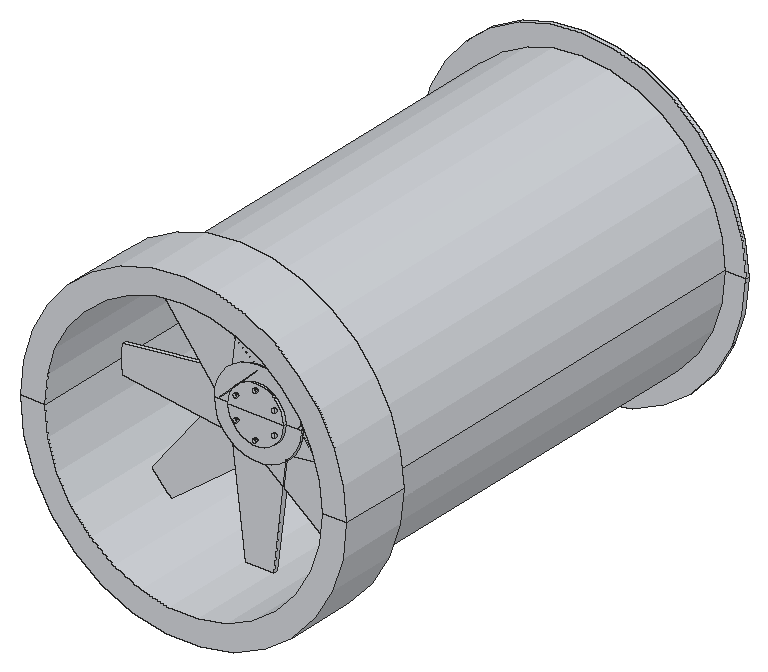
Revit family "CADS_Vent-Axia_MechEquip_Fan_BIFA_400_3Ph4P - SUPPLY", category Mechanical Equipment, Revit 2020
Family settings
  Round Connector Dimension = Use Diameter
  Part Type = Normal
  OmniClass Number = 23.75.00.00
  OmniClass Title = Climate Control (HVAC)
  Work Plane-Based = No
  Always vertical = Yes
  Cut with Voids When Loaded = No
  Shared = No
  Room Calculation Point = No
Parameters (values of type "BIFA403440")
  WorkingPressure = 0.0 Pa
  WarrantyStartDate [instance] = "1900-12-31T23:59:59"
  WarrantyPeriod = ""
  WarrantyIdentifier = "N/A"
  WarrantyGuarantorParts = "tech@vent-axia.com"
  WarrantyGuarantorLabor = "tech@vent-axia.com"
  WarrantyGuarantor = "Vent-Axia Limited"
  WarrantyEndDate [instance] = "1900-12-31T23:59:59"
  WarrantyContent = ""
  TemperatureRange = ""
  TagNumber [instance] = "N/A"
  SustainabilityPerformance = ""
  Status = "New"
  Size = ""
  Shape = ""
  ServiceLifeType = ""
  ServiceLifeDuration = ""
  SerialNumber [instance] = "N/A"
  ReplacementCost = ""
  RatedVoltage = 0 V
  RatedCurrent = 0 A
  Quantity = 1
  ProductionYear = ""
  PressureCurve = ""
  PowerFactor = ""
  PointOfContact = ""
  NumberOfPoles = 0
  NominalWidth = 400 mm
  NominalLength = 625 mm
  NominalHeight = 400 mm
  NominalFrequencyRange = ""
  NominalDiameter = 400 mm
  ModelReference = "BIF 400MM 3PH 4P 40DEG"
  ModelNumber = "BIFA403440"
  Material = ""
  ManufacturerE-Mail = "tech@vent-axia.com"
  ManufacturerAddress = "Fleming Way\nCrawley \nRH10 9YX"
  IsExtendedWarranty = no
  InsulationStandardClass = ""
  InstallationDate [instance] = "1900-12-31T23:59:59"
  IfcExportType [instance] = ""
  IfcExportAs = "IfcFanType"
  IP_Code = ""
  HasProtectiveEarth = no
  GrossWeight = 0.00 kg
  Grade = ""
  GlobalTradeItemNumber [instance] = "N/A"
  Fitting Type = "Ignore"
  Finish = ""
  Features = ""
  ExteriorInsulation = no
  ExpectedServiceLife = 0
  Exclusions = ""
  DurationUnit = "Year"
  Default Elevation = 0 mm
  Constituents = ""
  ConductorFunction = ""
  Color = ""
  CodePerformance = ""
  Category = ""
  CADS_Usage = 0
  CADS_Index = 0
  AssetType = "FIXED"
  AssetIdentifier [instance] = "N/A"
  AssemblyPlace = "UNKNOWN"
  ArticleNumber [instance] = "N/A"
  AirflowRateRange = 0.0 L/s
  Air Flow [instance] = 0.0 L/s
  AccessibilityPerformance = ""
Types (16, lengths in mm): name | ModelReference | ModelNumber
  BIFA403410 | "BIF 400MM 3PH 4P 10DEG" | "BIFA403410"
  BIFA403412 | "BIF 400MM 3PH 4P 12DEG" | "BIFA403412"
  BIFA403414 | "BIF 400MM 3PH 4P 14DEG" | "BIFA403414"
  BIFA403416 | "BIF 400MM 3PH 4P 16DEG" | "BIFA403416"
  BIFA403418 | "BIF 400MM 3PH 4P 18DEG" | "BIFA403418"
  BIFA403420 | "BIF 400MM 3PH 4P 20DEG" | "BIFA403420"
  BIFA403422 | "BIF 400MM 3PH 4P 22DEG" | "BIFA403422"
  BIFA403424 | "BIF 400MM 3PH 4P 24DEG" | "BIFA403424"
  BIFA403426 | "BIF 400MM 3PH 4P 26DEG" | "BIFA403426"
  BIFA403428 | "BIF 400MM 3PH 4P 28DEG" | "BIFA403428"
  BIFA403430 | "BIF 400MM 3PH 4P 30DEG" | "BIFA403430"
  BIFA403432 | "BIF 400MM 3PH 4P 32DEG" | "BIFA403432"
  BIFA403434 | "BIF 400MM 3PH 4P 34DEG" | "BIFA403434"
  BIFA403436 | "BIF 400MM 3PH 4P 36DEG" | "BIFA403436"
  BIFA403438 | "BIF 400MM 3PH 4P 38DEG" | "BIFA403438"
  BIFA403440 | "BIF 400MM 3PH 4P 40DEG" | "BIFA403440"
Reference planes
  plane 1 "Center (Front/Back)": y = 0
  plane 2: z = 0
  plane 3 "Center (Left/Right)": x = 0
  plane 4: x = -200
  plane 5: x = 200
  plane 6 "F": y = -312.5
  plane 7 "B": y = 312.5
  plane 8: x = -235
  plane 9: y = 307.5
  plane 10: y = -307.5
  plane 11: x = -205
  plane 12: y = -272.5
Forms (mm)
  Revolve 1, solid
    sketch origin (0, 0, 0) x (1, 0, 0) y (0, 1, 0)
      loop
        line (-235, -408.492) -> (-200, -408.492) -> (-200, 312.5) -> (-235, 312.5) -> (-235, 307.5) -> (-205, 307.5) -> (-205, -307.5) -> (-235, -307.5) -> (-235, -408.492)
      axis (0, 312.5) -> (0, -408.492)
    angle from 0 to 360
Dimensions and locks
  equal spacing: plane 4, plane 3 "Center (Left/Right)", plane 5
  equal spacing: plane 7 "B", plane 1 "Center (Front/Back)", plane 6 "F"
  "NominalLength": plane 7 "B" to plane 6 "F"
  "NominalDiameter": plane 4 to plane 5
  locked: plane 11 to plane 4 at 5
  locked: plane 8 to plane 11 at 30
  locked: plane 6 "F" to plane 10 at 5
  locked: plane 7 "B" to plane 9 at 5
  locked: plane 6 "F" to plane 12 at 40
  aligned and locked: level to plane 2
  aligned and locked: nested 1 to plane 12
Automatic sketch dimensions
  plane 6 "F" to Revolve 1 sketch curve = 95.992 mm
  Revolve 1 sketch curve to plane 8 = 0 mm  (x2)
  plane 10 to Revolve 1 sketch curve = 0 mm
  Revolve 1 sketch curve to plane 11 = 0 mm
  Revolve 1 sketch curve to plane 4 = 0 mm
  Revolve 1 sketch curve to plane 3 "Center (Left/Right)" = 0 mm
  plane 1 "Center (Front/Back)" to Revolve 1 sketch curve = 0 mm
  Revolve 1 sketch curve to plane 9 = 0 mm
  Revolve 1 sketch curve to plane 7 "B" = 0 mm
  plane 6 "F" to Revolve 1 sketch curve = 115 mm
Nested families
  nested 1: "Fan for BIFA" at (0, -272.5, 0), ND <- "NominalDiameter", type "Fan for BIFA"
    with hub 40 mm, ND 400 mm, BoltPCD 32 mm, Bolt Count 6, B_Diam 5 mm
  nested 2: "Bolts" at (27.713, -281.672, -16) x (-0.5, 0, -0.866) z (0, 1, 0), type "Bolts"
    with bd 5 mm
  nested 3: "Bolts" at (0, -281.672, -32) x (-1, 0, 0) z (0, 1, 0), type "Bolts"
    with bd 5 mm
  nested 4: "Bolts" at (-27.713, -281.672, -16) x (-0.5, 0, 0.866) z (0, 1, 0), type "Bolts"
    with bd 5 mm
  nested 5: "Bolts" at (-27.713, -281.672, 16) x (0.5, 0, 0.866) z (0, 1, 0), type "Bolts"
    with bd 5 mm
  nested 6: "Bolts" at (27.713, -281.672, 16) x (0.5, 0, -0.866) z (0, 1, 0), type "Bolts"
    with bd 5 mm
  nested 7: "Bolts" at (0, -281.672, 32) x (1, 0, 0) z (0, 1, 0), type "Bolts"
    with bd 5 mm
  nested 8: "BIFA Blade" at (0, -272.5, 0), type "BIFA Blade"
    with a 20.00°, HR 40 mm, HD 80 mm, BT 40 mm, BR 160 mm, BH 40 mm, BD 400 mm, BB 80 mm
  nested 9: "BIFA Blade" at (0, -272.5, 0) x (0.7071, 0, -0.7071) z (0.7071, 0, 0.7071), type "BIFA Blade"
    with a 20.00°, HR 40 mm, HD 80 mm, BT 40 mm, BR 160 mm, BH 40 mm, BD 400 mm, BB 80 mm
  nested 10: "BIFA Blade" at (0, -272.5, 0) x (0, 0, -1) z (1, 0, 0), type "BIFA Blade"
    with a 20.00°, HR 40 mm, HD 80 mm, BT 40 mm, BR 160 mm, BH 40 mm, BD 400 mm, BB 80 mm
  nested 11: "BIFA Blade" at (0, -272.5, 0) x (-0.7071, 0, -0.7071) z (0.7071, 0, -0.7071), type "BIFA Blade"
    with a 20.00°, HR 40 mm, HD 80 mm, BT 40 mm, BR 160 mm, BH 40 mm, BD 400 mm, BB 80 mm
  nested 12: "BIFA Blade" at (0, -272.5, 0) x (-1, 0, 0) z (0, 0, -1), type "BIFA Blade"
    with a 20.00°, HR 40 mm, HD 80 mm, BT 40 mm, BR 160 mm, BH 40 mm, BD 400 mm, BB 80 mm
  nested 13: "BIFA Blade" at (0, -272.5, 0) x (-0.7071, 0, -0.7071) z (-0.7071, 0, 0.7071), type "BIFA Blade"
    with a 20.00°, HR 40 mm, HD 80 mm, BT 40 mm, BR 160 mm, BH 40 mm, BD 400 mm, BB 80 mm
  nested 14: "BIFA Blade" at (0, -272.5, 0) x (0, 0, -1) z (-1, 0, 0), type "BIFA Blade"
    with a 20.00°, HR 40 mm, HD 80 mm, BT 40 mm, BR 160 mm, BH 40 mm, BD 400 mm, BB 80 mm
  nested 15: "BIFA Blade" at (0, -272.5, 0) x (0.7071, 0, -0.7071) z (-0.7071, 0, -0.7071), type "BIFA Blade"
    with a 20.00°, HR 40 mm, HD 80 mm, BT 40 mm, BR 160 mm, BH 40 mm, BD 400 mm, BB 80 mm
Connectors
  hvac at (0, -408.492, 0), driven by "NominalDiameter", driven by "Air Flow"
    settings: on Revolve 1, index 1, duct flow 0.0 L/s, flow factor 0, pres drop 0.0 Pa, loss coef 0, conn angle 0.00°, conn width 304.8 mm, conn height 304.8 mm, conn diameter 400 mm, duct sys type 1, conn prof type 0, flow config 1, flow direction 1, loss method 0, conn ref index -1, conn util no, is conn primary yes, conn desc ""
  hvac at (0, 312.5, 0), driven by "NominalDiameter", driven by "Air Flow"
    settings: on Revolve 1, index 2, duct flow 0.0 L/s, flow factor 0, pres drop 0.0 Pa, loss coef 0, conn angle 0.00°, conn width 304.8 mm, conn height 304.8 mm, conn diameter 400 mm, duct sys type 1, conn prof type 0, flow config 0, flow direction 2, loss method 0, conn ref index -1, conn util no, is conn primary no, conn desc ""
Definition of nested family "Fan for BIFA"
  Parameters (values of type "Fan for BIFA")
    hub [instance] = ND / 10  # 50 mm
    ND [instance] = 500 mm
    Model = "."
    Default Elevation = 0 mm
    BoltPCD [instance] = hub - (hub * 0.2)  # 40 mm
    Bolt Count [instance] = if(hub < 50 mm, 6, 8)  # 8
    B_Diam [instance] = if(hub < 50 mm, 5 mm, 10 mm)  # 10 mm
  Reference planes
    plane 1 "Center (Front/Back)": y = 0
    plane 2: z = 0
    plane 3 "Center (Left/Right)": x = 0
    plane 4 "back": y = 20
    plane 5 "bolts": y = -9.172
    plane 6 "B": z = 50
    plane 7: x = -72.587
    plane 8: x = -50
    plane 9 "hubface": y = -6.172
  Forms (mm)
    Revolve 1, solid
      sketch origin (0, 0, 0) x (1, 0, 0) y (0, 1, 0)
        loop
          line (0, 20) -> (-50, 20) -> (-50, 10.504) -> (-72.587, 10.504) -> (-72.587, -2.597) -> (-50, -2.597) -> (-50, -6.172) -> (0, -6.172) -> (0, 20)
        axis (0, 20) -> (0, -6.172)
      angle from 0 to 360
    Extrusion 2, solid, not visible
      sketch origin (0, -6.347, -4) x (-1, 0, 0) y (0, 0, 1)
        loop
          circle (0, 84) r 5
      from 0 to 3
  Lines and regions (mm)
    symbolic lines
      curve 1: circle (0, -9.172, 0) r 40 normal (0, 1, 0)
    model lines, not visible
      curve 2: line (0, -6.347, 85) -> (0, -6.347, 75)
  Dimensions and locks
    "hub": plane 6 "B" to plane 2
    "hub": nested 3 to plane 3 "Center (Left/Right)"
    "hub": nested 4 to plane 3 "Center (Left/Right)"
    "hub": nested 5 to plane 3 "Center (Left/Right)"
    "hub": plane 3 "Center (Left/Right)" to nested 6
    "hub": Revolve 1 sketch curve to Revolve 1 sketch curve
    "hub": plane 3 "Center (Left/Right)" to nested 7
    "hub": plane 3 "Center (Left/Right)" to nested 8
    "hub": plane 3 "Center (Left/Right)" to nested 9
    "hub": plane 8 to plane 3 "Center (Left/Right)"
    plane 7 to plane 8 = 22.587 mm
    diameter of Extrusion 2 sketch curve = 10 mm
    "BoltPCD": radius of curve 1
    "BoltPCD": radius of radial array
    aligned and locked: level to plane 2
    aligned and locked: plane 6 "B" to nested 1
  Automatic sketch dimensions
    Revolve 1 sketch curve to plane 7 = 0 mm
    Revolve 1 sketch curve to plane 8 = 0 mm  (x2)
    Revolve 1 sketch curve to plane 3 "Center (Left/Right)" = 0 mm
    Revolve 1 sketch curve to plane 9 "hubface" = 0 mm
    plane 4 "back" to Revolve 1 sketch curve = 0 mm
    plane 1 "Center (Front/Back)" to Revolve 1 sketch curve = 2.597 mm
    plane 4 "back" to Revolve 1 sketch curve = 9.496 mm
    plane 4 "back" to Revolve 1 sketch curve = 5 mm
    Revolve 1 sketch curve to Revolve 1 sketch curve = 45 mm
    curve 1 to level = 0 mm
    curve 1 to plane 3 "Center (Left/Right)" = 0 mm
  Nested families
    nested 1: "BIFA Blade" at (0, 0, 25), BD <- "ND", HD <- "hub", type "BIFA Blade"
      with a 20.00°, HR 25 mm, HD 50 mm, BT 25 mm, BR 100 mm, BH 40 mm, BD 250 mm, BB 50 mm
    nested 2: "BIFA Blade" at (0, 0, 55), BD <- "ND", HD <- "hub", type "BIFA Blade", not visible
      with a 20.00°, HR 25 mm, HD 50 mm, BT 25 mm, BR 100 mm, BH 40 mm, BD 250 mm, BB 50 mm
    nested 3: "BIFA Blade" at (17.678, 0, 17.678) x (0.7071, 0, -0.7071) z (0.7071, 0, 0.7071), BD <- "ND", HD <- "hub", type "BIFA Blade"
      with a 20.00°, HR 25 mm, HD 50 mm, BT 25 mm, BR 100 mm, BH 40 mm, BD 250 mm, BB 50 mm
    nested 4: "BIFA Blade" at (25, 0, 0) x (0, 0, -1) z (1, 0, 0), BD <- "ND", HD <- "hub", type "BIFA Blade"
      with a 20.00°, HR 25 mm, HD 50 mm, BT 25 mm, BR 100 mm, BH 40 mm, BD 250 mm, BB 50 mm
    nested 5: "BIFA Blade" at (17.678, 0, -17.678) x (-0.7071, 0, -0.7071) z (0.7071, 0, -0.7071), BD <- "ND", HD <- "hub", type "BIFA Blade"
      with a 20.00°, HR 25 mm, HD 50 mm, BT 25 mm, BR 100 mm, BH 40 mm, BD 250 mm, BB 50 mm
    nested 6: "BIFA Blade" at (0, 0, -25) x (-1, 0, 0) z (0, 0, -1), BD <- "ND", HD <- "hub", type "BIFA Blade"
      with a 20.00°, HR 25 mm, HD 50 mm, BT 25 mm, BR 100 mm, BH 40 mm, BD 250 mm, BB 50 mm
    nested 7: "BIFA Blade" at (-17.678, 0, 17.678) x (-0.7071, 0, -0.7071) z (-0.7071, 0, 0.7071), BD <- "ND", HD <- "hub", type "BIFA Blade"
      with a 20.00°, HR 25 mm, HD 50 mm, BT 25 mm, BR 100 mm, BH 40 mm, BD 250 mm, BB 50 mm
    nested 8: "BIFA Blade" at (-25, 0, 0) x (0, 0, -1) z (-1, 0, 0), BD <- "ND", HD <- "hub", type "BIFA Blade"
      with a 20.00°, HR 25 mm, HD 50 mm, BT 25 mm, BR 100 mm, BH 40 mm, BD 250 mm, BB 50 mm
    nested 9: "BIFA Blade" at (-17.678, 0, -17.678) x (0.7071, 0, -0.7071) z (-0.7071, 0, -0.7071), BD <- "ND", HD <- "hub", type "BIFA Blade"
      with a 20.00°, HR 25 mm, HD 50 mm, BT 25 mm, BR 100 mm, BH 40 mm, BD 250 mm, BB 50 mm
    nested 10: "Bolts" at (0, -9.172, 40) x (1, 0, 0) z (0, 1, 0), bd <- "B_Diam", type "Bolts"
      with bd 10 mm
    nested 11: "Bolts" at (28.284, -9.172, 28.284) x (0.7071, 0, -0.7071) z (0, 1, 0), bd <- "B_Diam", type "Bolts"
      with bd 10 mm
    nested 12: "Bolts" at (-28.284, -9.172, 28.284) x (0.7071, 0, 0.7071) z (0, 1, 0), bd <- "B_Diam", type "Bolts"
      with bd 10 mm
    nested 13: "Bolts" at (-40, -9.172, 0) x (0, 0, 1) z (0, 1, 0), bd <- "B_Diam", type "Bolts"
      with bd 10 mm
    nested 14: "Bolts" at (-28.284, -9.172, -28.284) x (-0.7071, 0, 0.7071) z (0, 1, 0), bd <- "B_Diam", type "Bolts"
      with bd 10 mm
    nested 15: "Bolts" at (0, -9.172, -40) x (-1, 0, 0) z (0, 1, 0), bd <- "B_Diam", type "Bolts"
      with bd 10 mm
    nested 16: "Bolts" at (28.284, -9.172, -28.284) x (-0.7071, 0, -0.7071) z (0, 1, 0), bd <- "B_Diam", type "Bolts"
      with bd 10 mm
    nested 17: "Bolts" at (40, -9.172, 0) x (0, 0, -1) z (0, 1, 0), bd <- "B_Diam", type "Bolts"
      with bd 10 mm
  Definition of nested family "BIFA Blade"
    Parameters (values of type "BIFA Blade")
      a [instance] = 20.00°
      HR [instance] = HD / 2  # 30 mm
      HD [instance] = BD / 5  # 60 mm
      Default Elevation = 1219.2 mm
      BT [instance] = BD / 10  # 30 mm
      BR [instance] = (BD / 2) - HR  # 120 mm
      BH [instance] = 40 mm
      BD [instance] = 300 mm
      BB [instance] = BD / 5  # 60 mm
    Reference planes
      plane 1 "Center (Front/Back)": y = 0
      plane 2: z = 0
      plane 3 "Center (Left/Right)": x = 0
      plane 4 "Blade Bot": z = 30
      plane 5: x = -30
      plane 6: x = 30
      plane 7: x = -15
      plane 8: x = 15
    Forms (mm)
      Blend 1, solid
        base sketch origin (0, 0, 30) x (-1, 0, 0) y (0, -1, 0)
          loop
            line (30, 0) -> (-30, 0) -> (-30, -6) -> (30, -6) -> (30, 0)
        top sketch origin (0, 0, 30) x (-1, 0, 0) y (0, -1, 0)
          loop
            line (15, -6) -> (15, 0) -> (-15, 0) -> (-15, -6) -> (15, -6)
        from 0 to 120 <- "BR"
    Dimensions and locks
      "HR": plane 4 "Blade Bot" to level
      equal spacing: plane 8, plane 3 "Center (Left/Right)", plane 7
      "BT": plane 8 to plane 7
      equal spacing: plane 6, plane 3 "Center (Left/Right)", plane 5
      "BB": plane 6 to plane 5
      aligned and locked: level to plane 2
    Automatic sketch dimensions
      plane 1 "Center (Front/Back)" to Blend 1 sketch curve = 0 mm  (x2)
      Blend 1 sketch curve to plane 6 = 0 mm
      Blend 1 sketch curve to plane 5 = 0 mm
      Blend 1 sketch curve to plane 1 "Center (Front/Back)" = 6 mm  (x2)
      Blend 1 sketch curve to plane 8 = 0 mm
      Blend 1 sketch curve to plane 7 = 0 mm
  Definition of nested family "Bolts"
    Parameters
      bd [instance] = 10 mm
      Default Elevation = 1219.2 mm
    Reference planes
      plane 1 "Center (Front/Back)": y = 0
      plane 2: z = 0
      plane 3 "Center (Left/Right)": x = 0
    Forms (mm)
      Extrusion 1, solid
        sketch origin (0, 0, 0) x (1, 0, 0) y (0, 1, 0)
          loop
            line (-1219.2, 1219.2) -> (-1219.2, -1219.2) -> (1219.2, -1219.2) -> (1219.2, 1219.2) -> (-1219.2, 1219.2)
        from 0 to -304.8
      Extrusion 2, solid
        sketch origin (0, 0, 0) x (1, 0, 0) y (0, 1, 0)
          loop
            circle (0, 0) r 5
        from 0 to 3
    Dimensions and locks
      "bd": diameter of Extrusion 2 sketch curve
      aligned and locked: plane 2 to Extrusion 1
      aligned and locked: level to Extrusion 1
    Automatic sketch dimensions
      Extrusion 1 sketch curve to Extrusion 1 sketch curve = 2438.4 mm  (x2)
      plane 1 "Center (Front/Back)" to Extrusion 2 sketch curve = 0 mm
      Extrusion 2 sketch curve to plane 3 "Center (Left/Right)" = 0 mm
Definition of nested family "Bolts"
  Parameters
    bd [instance] = 10 mm
    Default Elevation = 1219.2 mm
  Reference planes
    plane 1 "Center (Front/Back)": y = 0
    plane 2: z = 0
    plane 3 "Center (Left/Right)": x = 0
  Forms (mm)
    Extrusion 1, solid
      sketch origin (0, 0, 0) x (1, 0, 0) y (0, 1, 0)
        loop
          line (-1219.2, 1219.2) -> (-1219.2, -1219.2) -> (1219.2, -1219.2) -> (1219.2, 1219.2) -> (-1219.2, 1219.2)
      from 0 to -304.8
    Extrusion 2, solid
      sketch origin (0, 0, 0) x (1, 0, 0) y (0, 1, 0)
        loop
          circle (0, 0) r 5
      from 0 to 3
  Dimensions and locks
    "bd": diameter of Extrusion 2 sketch curve
    aligned and locked: plane 2 to Extrusion 1
    aligned and locked: level to Extrusion 1
  Automatic sketch dimensions
    Extrusion 1 sketch curve to Extrusion 1 sketch curve = 2438.4 mm  (x2)
    plane 1 "Center (Front/Back)" to Extrusion 2 sketch curve = 0 mm
    Extrusion 2 sketch curve to plane 3 "Center (Left/Right)" = 0 mm
Definition of nested family "BIFA Blade"
  Parameters (values of type "BIFA Blade")
    a [instance] = 20.00°
    HR [instance] = HD / 2  # 30 mm
    HD [instance] = BD / 5  # 60 mm
    Default Elevation = 1219.2 mm
    BT [instance] = BD / 10  # 30 mm
    BR [instance] = (BD / 2) - HR  # 120 mm
    BH [instance] = 40 mm
    BD [instance] = 300 mm
    BB [instance] = BD / 5  # 60 mm
  Reference planes
    plane 1 "Center (Front/Back)": y = 0
    plane 2: z = 0
    plane 3 "Center (Left/Right)": x = 0
    plane 4 "Blade Bot": z = 30
    plane 5: x = -30
    plane 6: x = 30
    plane 7: x = -15
    plane 8: x = 15
  Forms (mm)
    Blend 1, solid
      base sketch origin (0, 0, 30) x (-1, 0, 0) y (0, -1, 0)
        loop
          line (30, 0) -> (-30, 0) -> (-30, -6) -> (30, -6) -> (30, 0)
      top sketch origin (0, 0, 30) x (-1, 0, 0) y (0, -1, 0)
        loop
          line (15, -6) -> (15, 0) -> (-15, 0) -> (-15, -6) -> (15, -6)
      from 0 to 120 <- "BR"
  Dimensions and locks
    "HR": plane 4 "Blade Bot" to level
    equal spacing: plane 8, plane 3 "Center (Left/Right)", plane 7
    "BT": plane 8 to plane 7
    equal spacing: plane 6, plane 3 "Center (Left/Right)", plane 5
    "BB": plane 6 to plane 5
    aligned and locked: level to plane 2
  Automatic sketch dimensions
    plane 1 "Center (Front/Back)" to Blend 1 sketch curve = 0 mm  (x2)
    Blend 1 sketch curve to plane 6 = 0 mm
    Blend 1 sketch curve to plane 5 = 0 mm
    Blend 1 sketch curve to plane 1 "Center (Front/Back)" = 6 mm  (x2)
    Blend 1 sketch curve to plane 8 = 0 mm
    Blend 1 sketch curve to plane 7 = 0 mm
